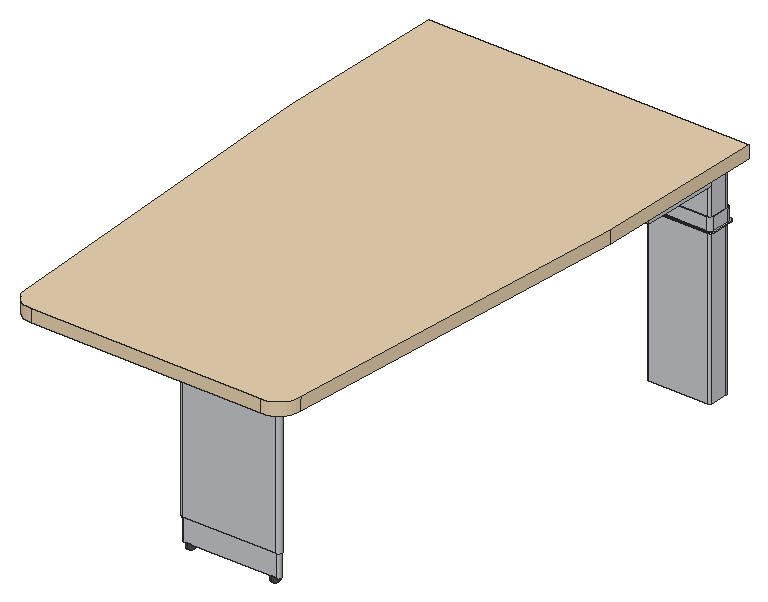
Revit family "Table-Height_Adjustable-Teknion-BH_MT_Peninusla_Bevel_Post_Leg_Mid_Height-R2018", category Furniture, Revit 2018
Family settings
  OmniClass Number = 23.40.20.00
  OmniClass Title = General Furniture and Specialties
  Work Plane-Based = No
  Always vertical = Yes
  Cut with Voids When Loaded = No
  Shared = Yes
  Room Calculation Point = No
Parameters (values of type "1-9/16" Worksurface Thickness, Mid-Height Configuration, No Grommet")
  Worksurface Thickness = 1.555"
  Worksurface Finish [instance] = Foundation Laminate - Teknion - HX - Costal Elm
  Width [instance] = 69.000"
  Warranty = "http://www.teknion.com/ca/papers/legal-canada"
  Unit Weight URL = "http://www.teknion.com/ca/tools/assets#&asset=bee6a381-b954-425e-8283-5a2de3a804f2,f828d448-4b62-4231-9e5f-9a8991c0ed77"
  URL = "www.teknion.com"
  To render please download texture images found here [instance] = "https://assets.teknion.com/web/5e81352c1dfdb467/revit-material-swatches/"
  Sustainability Data = "https://www.teknion.com/ca/tools/assets#&topic=216f99a5-57a0-44fc-b10a-9dee9b29ae4c&asset=444deb64-fe58-4b68-981e-f75e97781df7,b4ff2d81-9f2e-437d-9659-7cffb09c31cf"
  Square Grommet Cut-out Hole Depth = if([Has End of Worksurface - Rectangular & Square], 6.000", 0.500")  # 0.500"
  Shared Outlets for Regular Powebar and IEC Powerbar [instance] = or(Integrated Powerbar with IEC Outlet, Integrated Powerbar)  # yes
  Series = "Expansion Casegoods"  # constant formula
  Product Page URL = "https://www.teknion.com/ca/products/product-details?productLineId=0053336e-8e7a-673b-a6c8-ff00004460c4"
  Product Line = "Expansion Casegoods"  # constant formula
  Product Documentation Link = "https://www.teknion.com/pricing/expansion-casegoods/pdfs/BH_MT_ppg.pdf"
  Powerbar Note [instance] = "Please select one of the following below."  # constant formula
  Part Number = "BH_MT"  # constant formula
  No Powerbar [instance] = not(or(Integrated Powerbar with IEC Outlet, Integrated Powerbar))  # no
  Model = "BHXMTK____N_E_"
  Manufacturer Phone = "416-661-3370"  # constant formula
  Manufacturer Fax = "416.661.4586"  # constant formula
  Manufacturer Contact Information = "http://www.teknion.com/ca/contactus"
  Manufacturer Address = "1150 Flint Road, Toronto, ON. M3J 2J5. Canada"  # constant formula
  Manufacturer = "Teknion"  # constant formula
  Integrated Powerbar with IEC Outlet [instance] = no
  Integrated Powerbar [instance] = yes
  How To Use Teknion Materials User Guide [instance] = "https://assets.teknion.com/m/205dd0a49fa58060/original/How-to-add-a-Material-Library-and-Texture-Images-to-your-Revit-project.pdf"
  Height [instance] = 28.000"
  Has No Grommet = not([Has End of Worksurface - Rectangular & Square])  # yes
  Has End of Worksurface - Rectangular & Square = no
  Grommet Finish [instance] = Paint - Teknion - Mica - Anthracite
  For Additional Finishes please visit [instance] = "https://assets.teknion.com/m/44a8009b046e5d47/original/Teknion_Materials_Library.zip"
  Description = "Height-Adjustable Meeting Peninsula – Bevel Post Leg – Mid-Height, 1-9/16\" Worksurface Thickness, Mid-Height Configuration, No Grommet, Extended Range- 26\" to 48\""
  Depth [instance] = 40.000"
  Connection Node Visibility [instance] = yes
  Base Finish [instance] = Paint - Teknion - Foundation - Very White
  Available Widths [instance] = "69, 75, 81, or 87 inches."  # constant formula
  Available Heights [instance] = "26 to 48 inches in 1 inch increments."  # constant formula
  Available Depths [instance] = "40 or 46 inches."  # constant formula
  Assembly Code = "E2020200"
  Actual Height [instance] = Height - 0.193"  # 27.807"
  Actual Depth [instance] = if(Depth = 40.000", 39.790", 45.760")  # 39.790"
Reference planes (in)
  plane 1 "Center Front/Back": y = -2.68685
  plane 2: z = 0
  plane 3 "Center Left/Right": x = -1.98841
  plane 4 "Left": x = -21.88341
  plane 5 "Right": x = 17.90659
  plane 6 "Back": y = 31.81315
  plane 7 "Front": y = -37.18685
  plane 8 "Top": z = 27.807
  plane 9: z = 29.362
  plane 10: z = 32.362
Forms (in)
  Sweep 1, solid, material "Foundation Laminate - Teknion - HX - Costal Elm" <- "Worksurface Finish"
    path origin (0, -2.68685, 0) x (1, 0, 0) y (0, 0, 1)
      loop
        line (-1.98841, 29.362) -> (-1.98841, 27.807)
    profile origin (-1.98841, -2.68685, 28.5845) x (0, -1, 0) y (1, 0, 0)
      loop
        line (34.5, -14.29485) -> (34.5, 14.29485)
        arc (34.5, 14.29485) -> (33.71884, 16.26499) -> (31.79986, 17.16453) r 2.875
        line (31.79986, 17.16453) -> (-13.01123, 19.895) -> (-34.5, 19.895) -> (-34.5, -19.895) -> (-13.01123, -19.895) -> (31.79986, -17.16453)
        arc (31.79986, -17.16453) -> (33.71884, -16.26499) -> (34.5, -14.29485) r 2.875
  Sweep 2, solid, material "Paint - Teknion - Foundation - Very White" <- "Base Finish"
    path origin (-1.98841, 0, 0) x (0, 1, 0) y (0, 0, 1)
      loop
        line (-22.8324, 0.60236) -> (-22.8324, 3.44873)
    profile origin (-1.98841, -22.8324, 2.02555) x (0, -1, 0) y (1, 0, 0)
      loop
        arc (0.67491, -5.95568) -> (1.00671, -6.08305) -> (1.22059, -5.79921) r 0.29528
        line (1.22059, -5.79921) -> (1.22059, 5.79921)
        arc (1.22059, 5.79921) -> (1.00671, 6.08305) -> (0.67491, 5.95568) r 0.29528
        line (0.67491, 5.95568) -> (-1.22059, 2.92225) -> (-1.22059, -2.92225) -> (0.67491, -5.95568)
  Sweep 3, solid, material "Paint - Teknion - Foundation - Very White" <- "Base Finish"
    path origin (-1.98841, 0, 0) x (0, 1, 0) y (0, 0, 1)
      loop
        line (-22.8324, 3.44873) -> (-22.8324, 27.61802)
    profile origin (-1.98841, -22.8324, 15.53338) x (0, -1, 0) y (1, 0, 0)
      loop
        line (-1.35445, -2.96063) -> (0.56139, -6.02662)
        arc (0.56139, -6.02662) -> (1.0436, -6.21172) -> (1.35445, -5.79921) r 0.42913
        line (1.35445, -5.79921) -> (1.35445, 5.79921)
        arc (1.35445, 5.79921) -> (1.0436, 6.21172) -> (0.56139, 6.02662) r 0.42913
        line (0.56139, 6.02662) -> (-1.35445, 2.96063) -> (-1.35445, -2.96063)
  Sweep 4, solid, material "Plastic - Teknion - E - Ebony"
    path origin (-1.98841, 0, 0) x (0, 1, 0) y (0, 0, 1)
      loop
        line (-23.61462, 0) -> (-23.61462, 0.60236)
    profile origin (-1.98841, -23.61462, 0.30118) x (0, -1, 0) y (1, 0, 0)
      loop
        circle (-0.0137, -5.24899) r 0.5
      loop
        circle (-0.0137, 5.24899) r 0.5
  Sweep 5, solid, material "Paint - Teknion - Foundation - Very White" <- "Base Finish"
    path origin (-1.98841, 0, 0) x (0, 1, 0) y (0, 0, 1)
      loop
        line (29.14386, 1.61811) -> (29.14386, 27.807)
    profile origin (-1.98841, 29.14386, 14.71256) x (0, -1, 0) y (1, 0, 0)
      loop
        arc (-1.35827, -18.11451) -> (-1.28504, -18.29128) -> (-1.10827, -18.36451) r 0.25
        line (-1.10827, -18.36451) -> (1.10827, -18.36451)
        arc (1.10827, -18.36451) -> (1.28504, -18.29128) -> (1.35827, -18.11451) r 0.25
        line (1.35827, -18.11451) -> (1.35827, -10.74049)
        arc (1.35827, -10.74049) -> (1.28504, -10.56372) -> (1.10827, -10.49049) r 0.25
        line (1.10827, -10.49049) -> (-1.10827, -10.49049)
        arc (-1.10827, -10.49049) -> (-1.28504, -10.56372) -> (-1.35827, -10.74049) r 0.25
        line (-1.35827, -10.74049) -> (-1.35827, -18.11451)
  Sweep 6, solid, material "Paint - Teknion - Foundation - Very White" <- "Base Finish"
    path origin (-1.98841, 0, 0) x (0, 1, 0) y (0, 0, 1)
      loop
        line (29.14386, 21) -> (29.14386, 21.07874)
    profile origin (-1.98841, 29.14386, 21.03937) x (0, -1, 0) y (1, 0, 0)
      loop
        arc (-1.83071, -18.28183) -> (-1.66812, -18.67436) -> (-1.27559, -18.83695) r 0.55512
        line (-1.27559, -18.83695) -> (1.27559, -18.83695)
        arc (1.27559, -18.83695) -> (1.66812, -18.67436) -> (1.83071, -18.28183) r 0.55512
        line (1.83071, -18.28183) -> (1.83071, -10.57317)
        arc (1.83071, -10.57317) -> (1.66812, -10.18064) -> (1.27559, -10.01805) r 0.55512
        line (1.27559, -10.01805) -> (-1.27559, -10.01805)
        arc (-1.27559, -10.01805) -> (-1.66812, -10.18064) -> (-1.83071, -10.57317) r 0.55512
        line (-1.83071, -10.57317) -> (-1.83071, -18.28183)
  Sweep 7, solid, material "Paint - Teknion - Foundation - Very White" <- "Base Finish"
    path origin (-1.98841, 0, 0) x (0, 1, 0) y (0, 0, 1)
      loop
        line (29.14386, 22.5748) -> (29.14386, 21.07874)
    profile origin (-1.98841, 29.14386, 21.82677) x (1, 0, 0) y (0, 1, 0)
      loop
        line (-10.74049, 1.55512) -> (-18.11451, 1.55512)
        arc (-18.11451, 1.55512) -> (-18.43048, 1.42424) -> (-18.56136, 1.10827) r 0.44685
        line (-18.56136, 1.10827) -> (-18.56136, -1.10827)
        arc (-18.56136, -1.10827) -> (-18.43048, -1.42424) -> (-18.11451, -1.55512) r 0.44685
        line (-18.11451, -1.55512) -> (-10.74049, -1.55512)
        arc (-10.74049, -1.55512) -> (-10.42452, -1.42424) -> (-10.29364, -1.10827) r 0.44685
        line (-10.29364, -1.10827) -> (-10.29364, 1.10827)
        arc (-10.29364, 1.10827) -> (-10.42452, 1.42424) -> (-10.74049, 1.55512) r 0.44685
  Sweep 8, solid, material "Paint - Teknion - Foundation - Very White" <- "Base Finish"
    path origin (26.86659, 0, 0) x (0, 1, 0) y (0, 0, 1)
      loop
        line (29.14386, 1.61811) -> (29.14386, 27.807)
    profile origin (26.86659, 29.14386, 14.71256) x (0, -1, 0) y (1, 0, 0)
      loop
        arc (-1.35827, -18.11451) -> (-1.28504, -18.29128) -> (-1.10827, -18.36451) r 0.25
        line (-1.10827, -18.36451) -> (1.10827, -18.36451)
        arc (1.10827, -18.36451) -> (1.28504, -18.29128) -> (1.35827, -18.11451) r 0.25
        line (1.35827, -18.11451) -> (1.35827, -10.74049)
        arc (1.35827, -10.74049) -> (1.28504, -10.56372) -> (1.10827, -10.49049) r 0.25
        line (1.10827, -10.49049) -> (-1.10827, -10.49049)
        arc (-1.10827, -10.49049) -> (-1.28504, -10.56372) -> (-1.35827, -10.74049) r 0.25
        line (-1.35827, -10.74049) -> (-1.35827, -18.11451)
  Sweep 9, solid, material "Paint - Teknion - Foundation - Very White" <- "Base Finish"
    path origin (26.86659, 0, 0) x (0, 1, 0) y (0, 0, 1)
      loop
        line (29.14386, 21) -> (29.14386, 21.07874)
    profile origin (26.86659, 29.14386, 21.03937) x (0, -1, 0) y (1, 0, 0)
      loop
        arc (-1.83071, -18.28183) -> (-1.66812, -18.67436) -> (-1.27559, -18.83695) r 0.55512
        line (-1.27559, -18.83695) -> (1.27559, -18.83695)
        arc (1.27559, -18.83695) -> (1.66812, -18.67436) -> (1.83071, -18.28183) r 0.55512
        line (1.83071, -18.28183) -> (1.83071, -10.57317)
        arc (1.83071, -10.57317) -> (1.66812, -10.18064) -> (1.27559, -10.01805) r 0.55512
        line (1.27559, -10.01805) -> (-1.27559, -10.01805)
        arc (-1.27559, -10.01805) -> (-1.66812, -10.18064) -> (-1.83071, -10.57317) r 0.55512
        line (-1.83071, -10.57317) -> (-1.83071, -18.28183)
  Sweep 10, solid, material "Paint - Teknion - Foundation - Very White" <- "Base Finish"
    path origin (26.86659, 0, 0) x (0, 1, 0) y (0, 0, 1)
      loop
        line (29.14386, 22.5748) -> (29.14386, 21.07874)
    profile origin (26.86659, 29.14386, 21.82677) x (1, 0, 0) y (0, 1, 0)
      loop
        line (-10.74049, 1.55512) -> (-18.11451, 1.55512)
        arc (-18.11451, 1.55512) -> (-18.43048, 1.42424) -> (-18.56136, 1.10827) r 0.44685
        line (-18.56136, 1.10827) -> (-18.56136, -1.10827)
        arc (-18.56136, -1.10827) -> (-18.43048, -1.42424) -> (-18.11451, -1.55512) r 0.44685
        line (-18.11451, -1.55512) -> (-10.74049, -1.55512)
        arc (-10.74049, -1.55512) -> (-10.42452, -1.42424) -> (-10.29364, -1.10827) r 0.44685
        line (-10.29364, -1.10827) -> (-10.29364, 1.10827)
        arc (-10.29364, 1.10827) -> (-10.42452, 1.42424) -> (-10.74049, 1.55512) r 0.44685
  Sweep 11, solid, material "Paint - Teknion - Foundation - Very White" <- "Base Finish"
    path origin (-1.98841, 0, 0) x (0, 1, 0) y (0, 0, 1)
      loop
        line (-2.68685, 25.99598) -> (-2.68685, 27.807)
    profile origin (-1.98841, -2.68685, 26.90149) x (0, -1, 0) y (1, 0, 0)
      loop
        line (-22.06693, -12.14404) -> (-30.47244, -12.14404) -> (-30.47244, -18.11451)
        arc (-30.47244, -18.11451) -> (-30.54566, -18.29128) -> (-30.72244, -18.36451) r 0.25
        line (-30.72244, -18.36451) -> (-20.96457, -18.36451) -> (-20.96457, -6.29921) -> (15.22047, -6.29921) -> (15.22047, -5.19685) -> (-20.96457, -5.19685) -> (-20.96457, 5.19685) -> (15.22047, 5.19685) -> (15.22047, 6.29921) -> (-20.96457, 6.29921) -> (-20.96457, 18.36451) -> (-30.72244, 18.36451)
        arc (-30.72244, 18.36451) -> (-30.54566, 18.29128) -> (-30.47244, 18.11451) r 0.25
        line (-30.47244, 18.11451) -> (-30.47244, 12.14404) -> (-22.06693, 12.14404) -> (-22.06693, -12.14404)
  Sweep 12, solid, material "Paint - Teknion - Foundation - Very White" <- "Base Finish"
    path origin (-1.98841, 0, 0) x (0, 1, 0) y (0, 0, 1)
      loop
        line (-22.8324, 27.61802) -> (-22.8324, 27.807)
    profile origin (-1.98841, -22.8324, 27.71251) x (0, -1, 0) y (1, 0, 0)
      loop
        line (-4.92508, -6.29921) -> (3.81508, -6.29921) -> (3.81508, 6.29921) -> (-4.92508, 6.29921) -> (-4.92508, -6.29921)
  Sweep 13, solid, material "Paint - Teknion - Foundation - Very White" <- "Base Finish"
    path origin (-1.98841, 0, 0) x (0, 1, 0) y (0, 0, 1)
      loop
        line (-19.05225, 27.807) -> (-19.05225, 25.99598)
    profile origin (-1.98841, -19.05225, 26.90149) x (1, 0, 0) y (0, 1, 0)
      loop
        line (-1.89961, 2.14886) -> (-1.89961, -2.4257) -> (1.89961, -2.4257) -> (1.89961, 2.14886) -> (-1.89961, 2.14886)
  Sweep 14, solid, material "Paint - Teknion - Foundation - Very White" <- "Base Finish"
    path origin (-1.98841, 0, 0) x (0, 1, 0) y (0, 0, 1)
      loop
        line (-9.40732, 26.17708) -> (-9.40732, 27.807)
    profile origin (-1.98841, -9.40732, 26.99204) x (0, -1, 0) y (1, 0, 0)
      loop
        line (-5.5, -5.19685) -> (5.5, -5.19685) -> (5.5, 1.85827) -> (-5.5, 1.85827) -> (-5.5, -5.19685)
  Sweep 15, solid, material "Plastic - Teknion - E - Ebony"
    path origin (-1.98841, 0, 0) x (0, 1, 0) y (0, 0, 1)
      loop
        line (9.31315, 27.807) -> (9.31315, 26.22826)
    profile origin (-1.98841, 9.31315, 27.01763) x (1, 0, 0) y (0, 1, 0)
      loop
        line (-4.05512, 6.75197) -> (-4.05512, -8.24803) -> (4.05512, -8.24803) -> (4.05512, 6.75197) -> (-4.05512, 6.75197)
  Sweep 16, solid, material "Plastic - Teknion - E - Ebony", visible <- "Shared Outlets for Regular Powebar and IEC Powerbar"
    path origin (0, 0, 0) x (1, 0, 0) y (0, 1, 0)
      loop
        line (-0.13014, -7.16491) -> (0.05096, -7.16491)
    profile origin (-0.03959, -7.16491, 0) x (0, 1, 0) y (0, 0, 1)
      loop
        arc (0.51743, 27.47826) -> (0.5059, 27.5061) -> (0.47806, 27.51763) r 0.03937
        line (0.47806, 27.51763) -> (-0.49438, 27.51763)
        arc (-0.49438, 27.51763) -> (-0.52222, 27.5061) -> (-0.53375, 27.47826) r 0.03937
        line (-0.53375, 27.47826) -> (-0.53375, 26.50582)
        arc (-0.53375, 26.50582) -> (-0.52222, 26.47798) -> (-0.49438, 26.46645) r 0.03937
        line (-0.49438, 26.46645) -> (0.47806, 26.46645)
        arc (0.47806, 26.46645) -> (0.5059, 26.47798) -> (0.51743, 26.50582) r 0.03937
        line (0.51743, 26.50582) -> (0.51743, 27.47826)
      loop
        line (0.04105, 27.26172) -> (0.04105, 27.19086) -> (0.39145, 27.19086) -> (0.39145, 27.26172) -> (0.04105, 27.26172)
      loop
        line (0.08042, 26.78535) -> (0.08042, 26.71448) -> (0.35208, 26.71448) -> (0.35208, 26.78535) -> (0.08042, 26.78535)
      loop
        line (-0.36052, 27.09637) -> (-0.36052, 26.88771) -> (-0.25619, 26.88771)
        arc (-0.25619, 26.88771) -> (-0.15186, 26.99204) -> (-0.25619, 27.09637) r 0.10433
        line (-0.25619, 27.09637) -> (-0.36052, 27.09637)
  Sweep 17, solid, material "Plastic - Teknion - E - Ebony", visible <- "Shared Outlets for Regular Powebar and IEC Powerbar"
    path origin (0, -1.5748, 0) x (1, 0, 0) y (0, 1, 0)
      loop
        line (0.05096, -7.16491) -> (-0.13014, -7.16491)
    profile origin (-0.03959, -8.73972, 0) x (0, -1, 0) y (0, 0, 1)
      loop
        line (-0.51743, 27.47826) -> (-0.51743, 26.50582)
        arc (-0.51743, 26.50582) -> (-0.5059, 26.47798) -> (-0.47806, 26.46645) r 0.03937
        line (-0.47806, 26.46645) -> (0.49438, 26.46645)
        arc (0.49438, 26.46645) -> (0.52222, 26.47798) -> (0.53375, 26.50582) r 0.03937
        line (0.53375, 26.50582) -> (0.53375, 27.47826)
        arc (0.53375, 27.47826) -> (0.52222, 27.5061) -> (0.49438, 27.51763) r 0.03937
        line (0.49438, 27.51763) -> (-0.47806, 27.51763)
        arc (-0.47806, 27.51763) -> (-0.5059, 27.5061) -> (-0.51743, 27.47826) r 0.03937
      loop
        line (-0.04105, 27.26172) -> (-0.39145, 27.26172) -> (-0.39145, 27.19086) -> (-0.04105, 27.19086) -> (-0.04105, 27.26172)
      loop
        line (-0.08042, 26.78535) -> (-0.35208, 26.78535) -> (-0.35208, 26.71448) -> (-0.08042, 26.71448) -> (-0.08042, 26.78535)
      loop
        line (0.36052, 27.09637) -> (0.25619, 27.09637)
        arc (0.25619, 27.09637) -> (0.15186, 26.99204) -> (0.25619, 26.88771) r 0.10433
        line (0.25619, 26.88771) -> (0.36052, 26.88771) -> (0.36052, 27.09637)
  Sweep 18, solid, material "Plastic - Teknion - E - Ebony", visible <- "Shared Outlets for Regular Powebar and IEC Powerbar"
    path origin (0, -3.14961, 0) x (1, 0, 0) y (0, 1, 0)
      loop
        line (0.05096, -7.16491) -> (-0.13014, -7.16491)
    profile origin (-0.03959, -10.31452, 0) x (0, -1, 0) y (0, 0, 1)
      loop
        line (-0.51743, 27.47826) -> (-0.51743, 26.50582)
        arc (-0.51743, 26.50582) -> (-0.5059, 26.47798) -> (-0.47806, 26.46645) r 0.03937
        line (-0.47806, 26.46645) -> (0.49438, 26.46645)
        arc (0.49438, 26.46645) -> (0.52222, 26.47798) -> (0.53375, 26.50582) r 0.03937
        line (0.53375, 26.50582) -> (0.53375, 27.47826)
        arc (0.53375, 27.47826) -> (0.52222, 27.5061) -> (0.49438, 27.51763) r 0.03937
        line (0.49438, 27.51763) -> (-0.47806, 27.51763)
        arc (-0.47806, 27.51763) -> (-0.5059, 27.5061) -> (-0.51743, 27.47826) r 0.03937
      loop
        line (-0.04105, 27.26172) -> (-0.39145, 27.26172) -> (-0.39145, 27.19086) -> (-0.04105, 27.19086) -> (-0.04105, 27.26172)
      loop
        line (-0.08042, 26.78535) -> (-0.35208, 26.78535) -> (-0.35208, 26.71448) -> (-0.08042, 26.71448) -> (-0.08042, 26.78535)
      loop
        line (0.36052, 27.09637) -> (0.25619, 27.09637)
        arc (0.25619, 27.09637) -> (0.15186, 26.99204) -> (0.25619, 26.88771) r 0.10433
        line (0.25619, 26.88771) -> (0.36052, 26.88771) -> (0.36052, 27.09637)
  Sweep 19, solid, material "Plastic - Teknion - E - Ebony", visible <- "Integrated Powerbar"
    path origin (0, -4.72441, 0) x (1, 0, 0) y (0, 1, 0)
      loop
        line (0.05096, -7.16491) -> (-0.13014, -7.16491)
    profile origin (-0.03959, -11.88932, 0) x (0, -1, 0) y (0, 0, 1)
      loop
        line (-0.51743, 27.47826) -> (-0.51743, 26.50582)
        arc (-0.51743, 26.50582) -> (-0.5059, 26.47798) -> (-0.47806, 26.46645) r 0.03937
        line (-0.47806, 26.46645) -> (0.49438, 26.46645)
        arc (0.49438, 26.46645) -> (0.52222, 26.47798) -> (0.53375, 26.50582) r 0.03937
        line (0.53375, 26.50582) -> (0.53375, 27.47826)
        arc (0.53375, 27.47826) -> (0.52222, 27.5061) -> (0.49438, 27.51763) r 0.03937
        line (0.49438, 27.51763) -> (-0.47806, 27.51763)
        arc (-0.47806, 27.51763) -> (-0.5059, 27.5061) -> (-0.51743, 27.47826) r 0.03937
      loop
        line (-0.04105, 27.26172) -> (-0.39145, 27.26172) -> (-0.39145, 27.19086) -> (-0.04105, 27.19086) -> (-0.04105, 27.26172)
      loop
        line (-0.08042, 26.78535) -> (-0.35208, 26.78535) -> (-0.35208, 26.71448) -> (-0.08042, 26.71448) -> (-0.08042, 26.78535)
      loop
        line (0.36052, 27.09637) -> (0.25619, 27.09637)
        arc (0.25619, 27.09637) -> (0.15186, 26.99204) -> (0.25619, 26.88771) r 0.10433
        line (0.25619, 26.88771) -> (0.36052, 26.88771) -> (0.36052, 27.09637)
  Sweep 20, solid, material "Plastic - Teknion - E - Ebony", visible <- "Shared Outlets for Regular Powebar and IEC Powerbar"
    path origin (0, 0, 0) x (1, 0, 0) y (0, 1, 0)
      loop
        line (-0.13014, -5.12389) -> (-0.09077, -5.12389)
    profile origin (-0.11046, -5.12389, 0) x (0, 1, 0) y (0, 0, 1)
      loop
        line (0.29137, 27.36704) -> (-0.45863, 27.36704) -> (-0.45863, 26.61704) -> (0.29137, 26.61704) -> (0.29137, 27.36704)
  Sweep 21, solid, material "Plastic - Teknion - E - Ebony", visible <- "Shared Outlets for Regular Powebar and IEC Powerbar"
    path origin (-1.98841, 0, 0) x (0, 1, 0) y (0, 0, 1)
      loop
        line (-5.18312, 27.17196) -> (-5.18312, 26.81212)
    profile origin (-1.98841, -5.18312, 26.99204) x (1, 0, 0) y (0, 1, 0)
      loop
        arc (1.91732, -0.21928) -> (1.93653, -0.06827) -> (1.9981, 0.07096) r 0.52705
        line (1.9981, 0.07096) -> (1.87909, 0.18886) -> (1.87909, -0.21928) -> (1.91732, -0.21928)
  Sweep 22, solid, material "Plastic - Teknion - E - Ebony", visible <- "Integrated Powerbar with IEC Outlet"
    path origin (0, 0, 0) x (1, 0, 0) y (0, 1, 0)
      loop
        line (-0.08684, -11.99122) -> (-0.13014, -11.99122)
    profile origin (-0.10849, -11.99122, 0) x (0, -1, 0) y (0, 0, 1)
      loop
        arc (-0.57996, 27.51763) -> (-0.6078, 27.5061) -> (-0.61933, 27.47826) r 0.03937
        line (-0.61933, 27.47826) -> (-0.61933, 26.50582)
        arc (-0.61933, 26.50582) -> (-0.6078, 26.47798) -> (-0.57996, 26.46645) r 0.03937
        line (-0.57996, 26.46645) -> (0.72713, 26.46645)
        arc (0.72713, 26.46645) -> (0.75497, 26.47798) -> (0.7665, 26.50582) r 0.03937
        line (0.7665, 26.50582) -> (0.7665, 27.47826)
        arc (0.7665, 27.47826) -> (0.75497, 27.5061) -> (0.72713, 27.51763) r 0.03937
        line (0.72713, 27.51763) -> (-0.57996, 27.51763)
      loop
        line (0.63855, 27.14024) -> (0.36351, 27.41527) -> (-0.21634, 27.41527) -> (-0.49138, 27.14024) -> (-0.49138, 26.56881) -> (0.63855, 26.56881) -> (0.63855, 27.14024)
      loop
        line (0.52634, 26.68102) -> (0.52634, 27.09496) -> (0.31824, 27.30306) -> (-0.17107, 27.30306) -> (-0.37917, 27.09496) -> (-0.37917, 26.68102) -> (0.52634, 26.68102)
      loop
        line (0.10902, 27.24401) -> (0.03815, 27.24401) -> (0.03815, 27.12196) -> (0.10902, 27.12196) -> (0.10902, 27.24401)
      loop
        line (-0.10949, 26.97629) -> (-0.18823, 26.97629) -> (-0.18823, 26.807) -> (-0.10949, 26.807) -> (-0.10949, 26.97629)
      loop
        line (0.3354, 26.97629) -> (0.25666, 26.97629) -> (0.25666, 26.807) -> (0.3354, 26.807) -> (0.3354, 26.97629)
  Sweep 23, void
    path origin (-1.98841, 0, 0) x (0, 1, 0) y (0, 0, 1)
      loop
        line (10.30386, 32.362) -> (10.30386, 31.862)
    profile origin (-1.98841, 10.30386, 32.112) x (1, 0, 0) y (0, 1, 0)
      loop
        arc (-4.59449, 15.03684) -> (-4.8868, 14.91577) -> (-5.00787, 14.62346) r 0.41339
        line (-5.00787, 14.62346) -> (-5.00787, 13.43448)
        arc (-5.00787, 13.43448) -> (-4.8868, 13.14217) -> (-4.59449, 13.0211) r 0.41339
        line (-4.59449, 13.0211) -> (-3.40551, 13.0211)
        arc (-3.40551, 13.0211) -> (-3.1132, 13.14217) -> (-2.99213, 13.43448) r 0.41339
        line (-2.99213, 13.43448) -> (-2.99213, 14.62346)
        arc (-2.99213, 14.62346) -> (-3.1132, 14.91577) -> (-3.40551, 15.03684) r 0.41339
        line (-3.40551, 15.03684) -> (-4.59449, 15.03684)
  Sweep 24, solid, material "Paint - Teknion - Mica - Anthracite" <- "Grommet Finish", visible <- "Has End of Worksurface - Rectangular & Square"
    path origin (-1.98841, 0, 0) x (0, 1, 0) y (0, 0, 1)
      loop
        line (24.33283, 29.51957) -> (24.33283, 29.362)
    profile origin (-1.98841, 24.33283, 29.44078) x (1, 0, 0) y (0, 1, 0)
      loop
        line (0.67284, 1.42203) -> (0.67284, -1.42203) -> (3.52107, -1.42203) -> (3.52107, 1.42203) -> (0.67284, 1.42203)
  Sweep 25, solid, material "Paint - Teknion - Mica - Anthracite" <- "Grommet Finish", visible <- "Has End of Worksurface - Rectangular & Square"
    path origin (-1.98841, 0, 0) x (0, 1, 0) y (0, 0, 1)
      loop
        line (24.33283, 29.362) -> (24.33283, 29.51957)
    profile origin (-1.98841, 24.33283, 29.44078) x (0, -1, 0) y (1, 0, 0)
      loop
        line (-1.42203, 3.52107) -> (-0.21267, 3.52107) -> (-0.21267, 5.79967) -> (0.21267, 5.79967) -> (0.21267, 3.52107) -> (1.42203, 3.52107) -> (1.42203, 7.32716) -> (-1.42203, 7.32716) -> (-1.42203, 3.52107)
Cuts and joins
  Sweep 23 cuts Sweep 1
Lines and regions (in)
  Masking region 1
    outline origin (0, 0, 0) x (1, 0, 0) y (0, 1, 0)
      loop
        line (-16.28326, -37.18685) -> (12.30644, -37.18685)
        arc (12.30644, -37.18685) -> (14.27658, -36.40569) -> (15.17612, -34.48671) r 2.875
        line (15.17612, -34.48671) -> (17.90659, 10.32438) -> (17.90659, 31.81315) -> (-21.88341, 31.81315) -> (-21.88341, 10.32438) -> (-19.15294, -34.48671)
        arc (-19.15294, -34.48671) -> (-18.2534, -36.40569) -> (-16.28326, -37.18685) r 2.875
  symbolic lines, style "FurnitureHiddenLines", detail levels medium+fine
    curve 1: line (10.15563, 19.38008, 0) -> (-14.13245, 19.38008, 0)
    curve 2: line (-20.35292, 18.27772, 0) -> (-8.28762, 18.27772, 0)
    curve 3: line (-14.13245, 19.38008, 0) -> (-14.13245, 27.78559, 0)
    curve 4: line (-20.35292, 28.03559, 0) -> (-20.35292, 18.27772, 0)
    curve 5: line (16.3761, 18.27772, 0) -> (16.3761, 28.03559, 0)
    curve 6: line (10.15563, 27.78559, 0) -> (10.15563, 19.38008, 0)
    curve 7: line (8.75208, 27.78559, 0) -> (16.1261, 27.78559, 0)
    curve 8: line (16.1261, 30.50212, 0) -> (8.75208, 30.50212, 0)
    curve 9: line (8.50208, 30.25212, 0) -> (8.50208, 28.03559, 0)
    curve 10: line (16.3761, 28.03559, 0) -> (16.3761, 30.25212, 0)
    curve 11: arc (8.50208, 30.25212, 0) -> (8.57531, 30.4289, 0) -> (8.75208, 30.50212, 0) r 0.25
    curve 12: arc (16.1261, 30.50212, 0) -> (16.30287, 30.4289, 0) -> (16.3761, 30.25212, 0) r 0.25
    curve 13: arc (16.1261, 27.78559, 0) -> (16.30287, 27.85881, 0) -> (16.3761, 28.03559, 0) r 0.25
    curve 14: arc (8.75208, 27.78559, 0) -> (8.57531, 27.85881, 0) -> (8.50208, 28.03559, 0) r 0.25
    curve 47: line (-20.10292, 27.78559, 0) -> (-12.7289, 27.78559, 0)
    curve 48: line (-12.7289, 30.50212, 0) -> (-20.10292, 30.50212, 0)
    curve 49: line (-12.4789, 28.03559, 0) -> (-12.4789, 30.25212, 0)
    curve 50: line (-20.35292, 30.25212, 0) -> (-20.35292, 28.03559, 0)
    curve 51: arc (-20.35292, 28.03559, 0) -> (-20.27969, 27.85881, 0) -> (-20.10292, 27.78559, 0) r 0.25
    curve 52: arc (-12.4789, 28.03559, 0) -> (-12.55213, 27.85881, 0) -> (-12.7289, 27.78559, 0) r 0.25
    curve 53: arc (-12.7289, 30.50212, 0) -> (-12.55213, 30.4289, 0) -> (-12.4789, 30.25212, 0) r 0.25
    curve 54: arc (-20.35292, 30.25212, 0) -> (-20.27969, 30.4289, 0) -> (-20.10292, 30.50212, 0) r 0.25
    curve 55: line (4.3108, 18.27772, 0) -> (16.3761, 18.27772, 0)
    curve 56: line (-7.18526, 18.27772, 0) -> (3.20844, 18.27772, 0)
    curve 57: line (-7.18526, -17.90732, 0) -> (-7.18526, 18.27772, 0)
    curve 58: line (-8.28762, 18.27772, 0) -> (-8.28762, -17.90732, 0)
    curve 59: line (3.20844, 18.27772, 0) -> (3.20844, -17.90732, 0)
    curve 60: line (4.3108, -17.90732, 0) -> (4.3108, 18.27772, 0)
    curve 61: line (4.3108, -17.90732, 0) -> (-8.28762, -17.90732, 0)
    curve 62: line (-8.28762, -17.90732, 0) -> (-8.28762, -26.64748, 0)
    curve 63: line (-8.28762, -26.64748, 0) -> (4.3108, -26.64748, 0)
    curve 64: line (4.3108, -26.64748, 0) -> (4.3108, -17.90732, 0)
    curve 65: line (-4.94904, -21.47795, 0) -> (-8.01503, -23.39379, 0)
    curve 66: line (0.97222, -21.47795, 0) -> (-4.94904, -21.47795, 0)
    curve 67: line (4.03821, -23.39379, 0) -> (0.97222, -21.47795, 0)
    curve 68: line (-7.78762, -24.18685, 0) -> (3.8108, -24.18685, 0)
    curve 69: arc (4.03821, -23.39379, 0) -> (4.22331, -23.876, 0) -> (3.8108, -24.18685, 0) r 0.42913
    curve 70: arc (-7.78762, -24.18685, 0) -> (-8.20013, -23.876, 0) -> (-8.01503, -23.39379, 0) r 0.42913
    curve 81: line (-0.0888, -21.47795, 0) -> (-0.0888, -16.90339, 0)
    curve 82: line (-0.0888, -16.90339, 0) -> (-3.88802, -16.90339, 0)
    curve 83: line (-3.88802, -16.90339, 0) -> (-3.88802, -21.47795, 0)
    curve 84: line (-0.13014, -3.90732, 0) -> (-7.18526, -3.90732, 0)
    curve 85: line (-0.13014, -14.90732, 0) -> (-0.13014, -3.90732, 0)
    curve 86: line (-7.18526, -14.90732, 0) -> (-0.13014, -14.90732, 0)
    curve 87: line (-6.04353, 16.06512, 0) -> (2.06671, 16.06512, 0)
    curve 88: line (-6.04353, 1.06512, 0) -> (-6.04353, 16.06512, 0)
    curve 89: line (2.06671, 1.06512, 0) -> (-6.04353, 1.06512, 0)
    curve 90: line (2.06671, 16.06512, 0) -> (2.06671, 1.06512, 0)
  symbolic lines, style "FurnitureHiddenLines", detail levels fine
    curve 15: line (8.30523, 30.25212, 0) -> (8.30523, 28.03559, 0)
    curve 16: line (16.1261, 30.69897, 0) -> (8.75208, 30.69897, 0)
    curve 17: line (16.57295, 28.03559, 0) -> (16.57295, 30.25212, 0)
    curve 18: line (8.75208, 27.58874, 0) -> (16.1261, 27.58874, 0)
    curve 19: arc (8.30523, 28.03559, 0) -> (8.43611, 27.71962, 0) -> (8.75208, 27.58874, 0) r 0.44685
    curve 20: arc (8.75208, 30.69897, 0) -> (8.43611, 30.5681, 0) -> (8.30523, 30.25212, 0) r 0.44685
    curve 21: arc (16.57295, 30.25212, 0) -> (16.44207, 30.5681, 0) -> (16.1261, 30.69897, 0) r 0.44685
    curve 22: arc (16.1261, 27.58874, 0) -> (16.44207, 27.71962, 0) -> (16.57295, 28.03559, 0) r 0.44685
    curve 23: line (16.29342, 30.97457, 0) -> (8.58476, 30.97457, 0)
    curve 24: line (16.84854, 27.86827, 0) -> (16.84854, 30.41945, 0)
    curve 25: line (8.58476, 27.31315, 0) -> (16.29342, 27.31315, 0)
    curve 26: line (8.02964, 30.41945, 0) -> (8.02964, 27.86827, 0)
    curve 27: arc (8.02964, 30.41945, 0) -> (8.19223, 30.81198, 0) -> (8.58476, 30.97457, 0) r 0.55512
    curve 28: arc (8.58476, 27.31315, 0) -> (8.19223, 27.47574, 0) -> (8.02964, 27.86827, 0) r 0.55512
    curve 29: arc (16.84854, 27.86827, 0) -> (16.68595, 27.47574, 0) -> (16.29342, 27.31315, 0) r 0.55512
    curve 30: arc (16.29342, 30.97457, 0) -> (16.68595, 30.81198, 0) -> (16.84854, 30.41945, 0) r 0.55512
    curve 31: line (-12.56158, 30.97457, 0) -> (-20.27024, 30.97457, 0)
    curve 32: line (-12.00646, 27.86827, 0) -> (-12.00646, 30.41945, 0)
    curve 33: line (-20.27024, 27.31315, 0) -> (-12.56158, 27.31315, 0)
    curve 34: line (-20.82536, 30.41945, 0) -> (-20.82536, 27.86827, 0)
    curve 35: arc (-20.82536, 30.41945, 0) -> (-20.66277, 30.81198, 0) -> (-20.27024, 30.97457, 0) r 0.55512
    curve 36: arc (-20.27024, 27.31315, 0) -> (-20.66277, 27.47574, 0) -> (-20.82536, 27.86827, 0) r 0.55512
    curve 37: arc (-12.00646, 27.86827, 0) -> (-12.16905, 27.47574, 0) -> (-12.56158, 27.31315, 0) r 0.55512
    curve 38: arc (-12.56158, 30.97457, 0) -> (-12.16905, 30.81198, 0) -> (-12.00646, 30.41945, 0) r 0.55512
    curve 39: line (-12.7289, 30.69897, 0) -> (-20.10292, 30.69897, 0)
    curve 40: line (-12.28205, 28.03559, 0) -> (-12.28205, 30.25212, 0)
    curve 41: line (-20.10292, 27.58874, 0) -> (-12.7289, 27.58874, 0)
    curve 42: line (-20.54977, 30.25212, 0) -> (-20.54977, 28.03559, 0)
    curve 43: arc (-20.10292, 30.69897, 0) -> (-20.41889, 30.5681, 0) -> (-20.54977, 30.25212, 0) r 0.44685
    curve 44: arc (-20.54977, 28.03559, 0) -> (-20.41889, 27.71962, 0) -> (-20.10292, 27.58874, 0) r 0.44685
    curve 45: arc (-12.7289, 27.58874, 0) -> (-12.41293, 27.71962, 0) -> (-12.28205, 28.03559, 0) r 0.44685
    curve 46: arc (-12.28205, 30.25212, 0) -> (-12.41293, 30.5681, 0) -> (-12.7289, 30.69897, 0) r 0.44685
    curve 71: line (-4.91066, -21.61181, 0) -> (-7.9441, -23.50731, 0)
    curve 72: line (0.93384, -21.61181, 0) -> (-4.91066, -21.61181, 0)
    curve 73: line (-7.78762, -24.05299, 0) -> (3.8108, -24.05299, 0)
    curve 74: line (3.96727, -23.50731, 0) -> (0.93384, -21.61181, 0)
    curve 75: arc (3.96727, -23.50731, 0) -> (4.09464, -23.83911, 0) -> (3.8108, -24.05299, 0) r 0.29528
    curve 76: arc (-7.78762, -24.05299, 0) -> (-8.07146, -23.83911, 0) -> (-7.9441, -23.50731, 0) r 0.29528
    curve 77: arc (-7.2374, -24.10091, 0) -> (-7.7374, -23.60091, 0) -> (-7.2374, -23.10091, 0) r 0.5
    curve 78: arc (-7.2374, -23.10091, 0) -> (-6.7374, -23.60091, 0) -> (-7.2374, -24.10091, 0) r 0.5
    curve 79: arc (3.26058, -23.10091, 0) -> (3.76058, -23.60091, 0) -> (3.26058, -24.10091, 0) r 0.5
    curve 80: arc (3.26058, -24.10091, 0) -> (2.76058, -23.60091, 0) -> (3.26058, -23.10091, 0) r 0.5
  symbolic lines
    curve 91: line (-5.39392, 25.34071, 0) -> (-6.5829, 25.34071, 0)
    curve 92: line (-4.98054, 23.73835, 0) -> (-4.98054, 24.92732, 0)
    curve 93: line (-6.5829, 23.32496, 0) -> (-5.39392, 23.32496, 0)
    curve 94: line (-6.99628, 24.92732, 0) -> (-6.99628, 23.73835, 0)
    curve 95: arc (-6.5829, 25.34071, 0) -> (-6.87521, 25.21963, 0) -> (-6.99628, 24.92732, 0) r 0.41339
    curve 96: arc (-4.98054, 24.92732, 0) -> (-5.10161, 25.21963, 0) -> (-5.39392, 25.34071, 0) r 0.41339
    curve 97: arc (-5.39392, 23.32496, 0) -> (-5.10161, 23.44604, 0) -> (-4.98054, 23.73835, 0) r 0.41339
    curve 98: arc (-6.99628, 23.73835, 0) -> (-6.87521, 23.44604, 0) -> (-6.5829, 23.32496, 0) r 0.41339
  symbolic lines, visible <- "Has End of Worksurface - Rectangular & Square"
    curve 99: line (1.53266, 25.75487, 0) -> (-1.31557, 25.75487, 0)
    curve 100: line (5.33875, 25.75487, 0) -> (1.53266, 25.75487, 0)
    curve 101: line (5.33875, 22.9108, 0) -> (5.33875, 25.75487, 0)
    curve 102: line (1.53266, 22.9108, 0) -> (5.33875, 22.9108, 0)
    curve 103: line (-1.31557, 22.9108, 0) -> (1.53266, 22.9108, 0)
    curve 104: line (-1.31557, 25.75487, 0) -> (-1.31557, 22.9108, 0)
    curve 105: line (1.53266, 22.9108, 0) -> (1.53266, 25.75487, 0)
    curve 106: line (1.53266, 24.54551, 0) -> (3.81126, 24.54551, 0)
    curve 107: line (3.81126, 24.54551, 0) -> (3.81126, 24.12016, 0)
    curve 108: line (3.81126, 24.12016, 0) -> (1.53266, 24.12016, 0)
  symbolic lines, style "FurnitureHiddenLines", visible <- "Shared Outlets for Regular Powebar and IEC Powerbar", detail levels fine
    curve 109: line (-0.09077, -4.83252, 0) -> (-0.13014, -4.83252, 0)
    curve 110: line (-0.09077, -5.58252, 0) -> (-0.09077, -4.83252, 0)
    curve 111: line (-0.13014, -5.58252, 0) -> (-0.09077, -5.58252, 0)
    curve 112: line (0.00969, -5.11216, 0) -> (-0.09077, -5.01264, 0)
    curve 113: arc (-0.07109, -5.4024, 0) -> (-0.05188, -5.25139, 0) -> (0.00969, -5.11216, 0) r 0.52705
    curve 114: line (-0.09077, -5.4024, 0) -> (-0.07109, -5.4024, 0)
    curve 115: line (-0.13014, -6.64748, 0) -> (0.05096, -6.64748, 0)
    curve 116: line (-0.13014, -7.69866, 0) -> (-0.13014, -6.64748, 0)
    curve 117: line (0.05096, -7.69866, 0) -> (-0.13014, -7.69866, 0)
    curve 118: line (0.05096, -6.64748, 0) -> (0.05096, -7.69866, 0)
    curve 119: line (-0.13014, -8.22228, 0) -> (0.05096, -8.22228, 0)
    curve 120: line (-0.13014, -9.27347, 0) -> (-0.13014, -8.22228, 0)
    curve 121: line (0.05096, -9.27347, 0) -> (-0.13014, -9.27347, 0)
    curve 122: line (0.05096, -8.22228, 0) -> (0.05096, -9.27347, 0)
    curve 123: line (-0.13014, -9.79709, 0) -> (0.05096, -9.79709, 0)
    curve 124: line (-0.13014, -10.84827, 0) -> (-0.13014, -9.79709, 0)
    curve 125: line (0.05096, -10.84827, 0) -> (-0.13014, -10.84827, 0)
    curve 126: line (0.05096, -9.79709, 0) -> (0.05096, -10.84827, 0)
  symbolic lines, style "FurnitureHiddenLines", visible <- "Integrated Powerbar", detail levels fine
    curve 127: line (0.05096, -11.37189, 0) -> (-0.13014, -11.37189, 0)
    curve 128: line (0.05096, -12.42307, 0) -> (0.05096, -11.37189, 0)
    curve 129: line (-0.13014, -12.42307, 0) -> (0.05096, -12.42307, 0)
    curve 130: line (-0.13014, -11.37189, 0) -> (-0.13014, -12.42307, 0)
  symbolic lines, style "FurnitureHiddenLines", visible <- "Integrated Powerbar with IEC Outlet", detail levels fine
    curve 131: line (-0.08684, -12.75772, 0) -> (-0.13014, -12.75772, 0)
    curve 132: line (-0.08684, -11.37189, 0) -> (-0.08684, -12.75772, 0)
    curve 133: line (-0.13014, -11.37189, 0) -> (-0.08684, -11.37189, 0)
    curve 134: line (-0.13014, -12.75772, 0) -> (-0.13014, -11.37189, 0)
  reference lines
    curve 135: line (-21.88341, 31.81315, 0) -> (17.90659, 31.81315, 0)
    curve 136: line (-21.88341, -37.18685, 0) -> (17.90659, -37.18685, 0)
Dimensions and locks (in)
  "Actual Depth": plane 4 "Left" to plane 5 "Right"
  "Width": plane 6 "Back" to plane 7 "Front"
  "Actual Height": plane 8 "Top" to level
  equal spacing: plane 4 "Left", plane 3 "Center Left/Right", plane 5 "Right"
  equal spacing: plane 7 "Front", plane 1 "Center Front/Back", plane 6 "Back"
  "Worksurface Thickness": plane 9 to plane 8 "Top"
  locked: plane 4 "Left" to Sweep 1 sketch curve at 5.60015
  locked: plane 7 "Front" to Sweep 1 sketch curve at 2.875  (x2)
  locked: Sweep 1 sketch curve to plane 5 "Right" at 5.60015
  locked: plane 8 "Top" to Sweep 2 sketch curve at 24.35827
  plane 7 "Front" to Sweep 2 sketch curve to Sweep 2 sketch curve to Sweep 2 sketch curve to Sweep 2 sketch curve = 13.13386" locked, 0.29528" locked, 0.000" locked, 2.14591" locked
  Sweep 2 sketch curve to Sweep 2 sketch curve to plane 3 "Center Left/Right" to Sweep 2 sketch curve to Sweep 2 sketch curve = 2.87697" locked, 2.92225" locked, 2.92225" locked, 2.87697" locked
  locked: plane 7 "Front" to Sweep 1 sketch curve at 2.70014  (x2)
  plane 4 "Left" to Sweep 1 sketch curve to Sweep 1 sketch curve = 2.73047" locked, 2.86968" locked
  Sweep 1 sketch curve to Sweep 1 sketch curve to plane 5 "Right" = 2.86968" locked, 2.73047" locked
  locked: plane 6 "Back" to Sweep 1 sketch curve at 21.48877  (x2)
  locked: Sweep 2 sketch curve to plane 2 at 0.60236
  plane 8 "Top" to Sweep 3 sketch curve to Sweep 3 sketch curve = 0.18898" locked, 24.16929" locked
  Sweep 3 sketch curve to Sweep 3 sketch curve to plane 3 "Center Left/Right" to Sweep 3 sketch curve to Sweep 3 sketch curve = 2.83858" locked, 2.96063" locked, 2.96063" locked, 2.83858" locked
  plane 7 "Front" to Sweep 3 sketch curve to Sweep 3 sketch curve to Sweep 3 sketch curve to Sweep 3 sketch curve = 13.000" locked, 0.42913" locked, 0.000" locked, 2.27977" locked
  locked: Sweep 4 sketch curve to plane 2 at 0.60236
  Sweep 4 sketch curve to plane 3 "Center Left/Right" to Sweep 4 sketch curve = 5.24899" locked, 5.24899" locked
  plane 7 "Front" to Sweep 4 sketch curve to Sweep 4 sketch curve = 13.58594" locked, 0.000" locked
  locked: Sweep 5 sketch curve to level at 1.61811
  plane 4 "Left" to Sweep 5 sketch curve to Sweep 5 sketch curve to Sweep 5 sketch curve = 1.53049" locked, 0.250" locked, 0.000" locked
  plane 4 "Left" to Sweep 5 sketch curve to Sweep 5 sketch curve to Sweep 5 sketch curve = 9.15451" locked, 0.000" locked, 0.250" locked
  plane 6 "Back" to Sweep 5 sketch curve to Sweep 5 sketch curve to Sweep 5 sketch curve to Sweep 5 sketch curve to Sweep 5 sketch curve = 1.31102" locked, 0.250" locked, 0.000" locked, 2.21654" locked, 0.000" locked
  Sweep 6 sketch curve to Sweep 6 sketch curve to plane 2 = 0.07874" locked, 21.000" locked
  plane 4 "Left" to Sweep 6 sketch curve to Sweep 6 sketch curve to Sweep 6 sketch curve to Sweep 6 sketch curve to Sweep 6 sketch curve to Sweep 6 sketch curve = 1.05805" locked, 0.55512" locked, 0.000" locked, 7.70866" locked, 0.000" locked, 0.55512" locked
  plane 6 "Back" to Sweep 6 sketch curve to Sweep 6 sketch curve to Sweep 6 sketch curve to Sweep 6 sketch curve to Sweep 6 sketch curve to Sweep 6 sketch curve = 0.83858" locked, 0.55512" locked, 0.000" locked, 2.55118" locked, 0.000" locked, 0.55512" locked
  Sweep 7 sketch curve to Sweep 7 sketch curve to plane 2 = 1.49606" locked, 21.07874" locked
  plane 6 "Back" to Sweep 7 sketch curve to Sweep 7 sketch curve to Sweep 7 sketch curve to Sweep 7 sketch curve to Sweep 7 sketch curve to Sweep 7 sketch curve = 1.11417" locked, 0.44685" locked, 0.000" locked, 2.21654" locked, 0.000" locked, 0.44685" locked
  plane 4 "Left" to Sweep 7 sketch curve to Sweep 7 sketch curve to Sweep 7 sketch curve to Sweep 7 sketch curve to Sweep 7 sketch curve to Sweep 7 sketch curve = 1.33364" locked, 0.44685" locked, 0.000" locked, 7.37402" locked, 0.000" locked, 0.44685" locked
  Sweep 8 sketch curve to Sweep 8 sketch curve to Sweep 8 sketch curve to plane 5 "Right" = 0.250" locked, 0.000" locked, 9.15451" locked
  Sweep 8 sketch curve to Sweep 8 sketch curve to Sweep 8 sketch curve to plane 5 "Right" = 0.000" locked, 0.250" locked, 1.53049" locked
  plane 6 "Back" to Sweep 8 sketch curve to Sweep 8 sketch curve to Sweep 8 sketch curve to Sweep 8 sketch curve to Sweep 8 sketch curve = 1.31102" locked, 0.250" locked, 0.000" locked, 2.21654" locked, 0.000" locked
  Sweep 9 sketch curve to Sweep 9 sketch curve to level = 0.07874" locked, 21.000" locked
  Sweep 9 sketch curve to Sweep 9 sketch curve to Sweep 9 sketch curve to Sweep 9 sketch curve to Sweep 9 sketch curve to Sweep 9 sketch curve to plane 5 "Right" = 0.55512" locked, 0.000" locked, 7.70866" locked, 0.000" locked, 0.55512" locked, 1.05805" locked
  plane 6 "Back" to Sweep 9 sketch curve to Sweep 9 sketch curve to Sweep 9 sketch curve to Sweep 9 sketch curve to Sweep 9 sketch curve to Sweep 9 sketch curve = 0.83858" locked, 0.55512" locked, 0.000" locked, 2.55118" locked, 0.000" locked, 0.55512" locked
  Sweep 10 sketch curve to Sweep 10 sketch curve to level = 1.49606" locked, 21.07874" locked
  plane 6 "Back" to Sweep 10 sketch curve to Sweep 10 sketch curve to Sweep 10 sketch curve to Sweep 10 sketch curve to Sweep 10 sketch curve to Sweep 10 sketch curve = 1.11417" locked, 0.44685" locked, 0.000" locked, 2.21654" locked, 0.000" locked, 0.44685" locked
  Sweep 10 sketch curve to Sweep 10 sketch curve to Sweep 10 sketch curve to Sweep 10 sketch curve to Sweep 10 sketch curve to Sweep 10 sketch curve to plane 5 "Right" = 0.44685" locked, 0.000" locked, 7.37402" locked, 0.000" locked, 0.44685" locked, 1.33364" locked
  locked: plane 8 "Top" to Sweep 11 sketch curve at 1.81102
  plane 4 "Left" to Sweep 11 sketch curve to Sweep 11 sketch curve = 1.53049" locked, 6.22047" locked
  Sweep 11 sketch curve to Sweep 11 sketch curve to plane 5 "Right" = 6.22047" locked, 1.53049" locked
  plane 6 "Back" to Sweep 11 sketch curve to Sweep 11 sketch curve to Sweep 11 sketch curve to Sweep 11 sketch curve = 12.43307" locked, 1.10236" locked, 0.000" locked, 0.000" locked
  plane 7 "Front" to Sweep 11 sketch curve to Sweep 11 sketch curve = 19.27953" locked, 0.000" locked
  locked: plane 8 "Top" to Sweep 12 sketch curve at 0.18898
  plane 7 "Front" to Sweep 12 sketch curve to Sweep 12 sketch curve = 10.53937" locked, 8.74016" locked
  Sweep 12 sketch curve to plane 3 "Center Left/Right" to Sweep 12 sketch curve = 6.29921" locked, 6.29921" locked
  locked: plane 8 "Top" to Sweep 13 sketch curve at 1.81102
  plane 7 "Front" to Sweep 13 sketch curve to Sweep 13 sketch curve = 15.7089" locked, 4.57456" locked
  Sweep 13 sketch curve to plane 3 "Center Left/Right" to Sweep 13 sketch curve = 1.89961" locked, 1.89961" locked
  locked: plane 8 "Top" to Sweep 14 sketch curve at 1.62992
  plane 7 "Front" to Sweep 14 sketch curve to Sweep 14 sketch curve = 22.27953" locked, 11.000" locked
  Sweep 14 sketch curve to plane 3 "Center Left/Right" to Sweep 14 sketch curve = 5.19685" locked, 1.85827" locked
  locked: plane 8 "Top" to Sweep 15 sketch curve at 1.57874
  Sweep 15 sketch curve to plane 3 "Center Left/Right" to Sweep 15 sketch curve = 4.05512" locked, 4.05512" locked
  plane 6 "Back" to Sweep 15 sketch curve to Sweep 15 sketch curve = 15.74803" locked, 15.000" locked
  Sweep 16 sketch curve to Sweep 14 to Sweep 16 sketch curve = 0.000" locked, 0.1811" locked
  plane 8 "Top" to Sweep 16 sketch curve to Sweep 16 sketch curve to Sweep 16 sketch curve to Sweep 16 sketch curve to Sweep 16 sketch curve to Sweep 16 sketch curve to Sweep 16 sketch curve to Sweep 16 sketch curve to Sweep 16 sketch curve to Sweep 16 sketch curve to Sweep 16 sketch curve to Sweep 16 sketch curve = 0.28937" locked, 0.03937" locked, 0.000" locked, 0.21654" locked, 0.07087" locked, 0.09449" locked, 0.20866" locked, 0.10236" locked, 0.07087" locked, 0.20866" locked, 0.000" locked, 0.03937" locked
  Sweep 16 sketch curve to Sweep 16 sketch curve to Sweep 16 sketch curve to Sweep 16 sketch curve to Sweep 16 sketch curve to Sweep 16 sketch curve to Sweep 16 sketch curve to Sweep 16 sketch curve to Sweep 16 sketch curve to Sweep 16 sketch curve to Sweep 16 sketch curve to Sweep 14 = 0.000" locked, 0.13386" locked, 0.10433" locked, 0.29724" locked, 0.03937" locked, 0.27165" locked, 0.03937" locked, 0.08661" locked, 0.000" locked, 0.03937" locked, 2.74016" locked
  locked: Sweep 17 sketch curve to Sweep 17 sketch curve at 0.1811
  locked: Sweep 18 sketch curve to Sweep 18 sketch curve at 0.1811
  locked: Sweep 19 sketch curve to Sweep 19 sketch curve at 0.1811
  plane 8 "Top" to Sweep 17 sketch curve to Sweep 17 sketch curve to Sweep 17 sketch curve to Sweep 17 sketch curve to Sweep 17 sketch curve to Sweep 17 sketch curve to Sweep 17 sketch curve to Sweep 17 sketch curve to Sweep 17 sketch curve to Sweep 17 sketch curve to Sweep 17 sketch curve to Sweep 17 sketch curve = 0.28937" locked, 0.03937" locked, 0.000" locked, 0.21654" locked, 0.07087" locked, 0.09449" locked, 0.20866" locked, 0.10236" locked, 0.07087" locked, 0.20866" locked, 0.000" locked, 0.03937" locked
  Sweep 17 sketch curve to Sweep 17 sketch curve to Sweep 17 sketch curve to Sweep 17 sketch curve to Sweep 17 sketch curve to Sweep 17 sketch curve to Sweep 17 sketch curve to Sweep 17 sketch curve to Sweep 17 sketch curve to Sweep 17 sketch curve to Sweep 17 sketch curve to Sweep 14 = 0.000" locked, 0.13386" locked, 0.10433" locked, 0.29724" locked, 0.03937" locked, 0.27165" locked, 0.03937" locked, 0.08661" locked, 0.000" locked, 0.03937" locked, 4.31496" locked
  plane 8 "Top" to Sweep 18 sketch curve to Sweep 18 sketch curve to Sweep 18 sketch curve to Sweep 18 sketch curve to Sweep 18 sketch curve to Sweep 18 sketch curve to Sweep 18 sketch curve to Sweep 18 sketch curve to Sweep 18 sketch curve to Sweep 18 sketch curve to Sweep 18 sketch curve to Sweep 18 sketch curve = 0.28937" locked, 0.03937" locked, 0.000" locked, 0.21654" locked, 0.07087" locked, 0.09449" locked, 0.20866" locked, 0.10236" locked, 0.07087" locked, 0.20866" locked, 0.000" locked, 0.03937" locked
  Sweep 18 sketch curve to Sweep 18 sketch curve to Sweep 18 sketch curve to Sweep 18 sketch curve to Sweep 18 sketch curve to Sweep 18 sketch curve to Sweep 18 sketch curve to Sweep 18 sketch curve to Sweep 18 sketch curve to Sweep 18 sketch curve to Sweep 18 sketch curve to Sweep 14 = 0.000" locked, 0.13386" locked, 0.10433" locked, 0.29724" locked, 0.03937" locked, 0.27165" locked, 0.03937" locked, 0.08661" locked, 0.000" locked, 0.03937" locked, 5.88976" locked
  plane 8 "Top" to Sweep 19 sketch curve to Sweep 19 sketch curve to Sweep 19 sketch curve to Sweep 19 sketch curve to Sweep 19 sketch curve to Sweep 19 sketch curve to Sweep 19 sketch curve to Sweep 19 sketch curve to Sweep 19 sketch curve to Sweep 19 sketch curve to Sweep 19 sketch curve to Sweep 19 sketch curve = 0.28937" locked, 0.03937" locked, 0.000" locked, 0.21654" locked, 0.07087" locked, 0.09449" locked, 0.20866" locked, 0.10236" locked, 0.07087" locked, 0.20866" locked, 0.000" locked, 0.03937" locked
  Sweep 14 to Sweep 19 sketch curve to Sweep 19 sketch curve to Sweep 19 sketch curve to Sweep 19 sketch curve to Sweep 19 sketch curve to Sweep 19 sketch curve to Sweep 19 sketch curve to Sweep 19 sketch curve to Sweep 19 sketch curve to Sweep 19 sketch curve to Sweep 19 sketch curve = 2.52362" locked, 0.000" locked, 0.13386" locked, 0.10433" locked, 0.29724" locked, 0.03937" locked, 0.27165" locked, 0.03937" locked, 0.08661" locked, 0.000" locked, 0.03937" locked
  locked: Sweep 14 to Sweep 20 sketch curve at 0.03937
  Sweep 14 to Sweep 20 sketch curve to Sweep 20 sketch curve = 0.9252" locked, 0.750" locked
  plane 8 "Top" to Sweep 20 sketch curve to Sweep 20 sketch curve = 0.43996" locked, 0.750" locked
  Sweep 20 to Sweep 21 sketch curve to Sweep 21 sketch curve = 0.19508" locked, 0.35984" locked
  Sweep 14 to Sweep 21 sketch curve to Sweep 21 sketch curve to Sweep 21 sketch curve to Sweep 21 sketch curve = 1.08694" locked, 0.1179" locked, 0.28053" locked, 0.00971" locked
  Sweep 14 to Sweep 21 sketch curve to Sweep 21 sketch curve to Sweep 21 sketch curve = 0.02082" locked, 0.03824" locked, 0.08077" locked
  locked: Sweep 8 sketch curve to plane 2 at 1.61811
  locked: Sweep 14 to Sweep 22 sketch curve at 0.04331
  Sweep 14 to Sweep 22 sketch curve to Sweep 22 sketch curve to Sweep 22 sketch curve to Sweep 22 sketch curve to Sweep 22 sketch curve to Sweep 22 sketch curve to Sweep 22 sketch curve to Sweep 22 sketch curve to Sweep 22 sketch curve to Sweep 22 sketch curve to Sweep 22 sketch curve to Sweep 22 sketch curve to Sweep 22 sketch curve to Sweep 22 sketch curve to Sweep 22 sketch curve to Sweep 22 sketch curve to Sweep 22 sketch curve to Sweep 22 sketch curve to Sweep 22 sketch curve to Sweep 22 sketch curve = 2.14961" locked, 0.03937" locked, 0.000" locked, 0.08858" locked, 0.1122" locked, 0.16283" locked, 0.02812" locked, 0.01716" locked, 0.06158" locked, 0.14764" locked, 0.07087" locked, 0.14764" locked, 0.06158" locked, 0.01716" locked, 0.02812" locked, 0.16283" locked, 0.1122" locked, 0.08858" locked, 0.000" locked, 0.03937" locked
  plane 8 "Top" to Sweep 22 sketch curve to Sweep 22 sketch curve to Sweep 22 sketch curve to Sweep 22 sketch curve to Sweep 22 sketch curve to Sweep 22 sketch curve to Sweep 22 sketch curve to Sweep 22 sketch curve to Sweep 22 sketch curve to Sweep 22 sketch curve to Sweep 22 sketch curve to Sweep 22 sketch curve = 0.28937" locked, 0.10236" locked, 0.1122" locked, 0.05906" locked, 0.12205" locked, 0.14567" locked, 0.000" locked, 0.16929" locked, 0.000" locked, 0.12598" locked, 0.1122" locked, 0.10236" locked
  locked: plane 10 to plane 9 at 3
  "Square Grommet Cut-out Hole Depth": plane 10 to Sweep 23 sketch curve
  plane 6 "Back" to Sweep 23 sketch curve to Sweep 23 sketch curve to Sweep 23 sketch curve to Sweep 23 sketch curve to Sweep 23 sketch curve to Sweep 23 sketch curve = 6.47244" locked, 0.41339" locked, 0.000" locked, 1.18898" locked, 0.000" locked, 0.41339" locked
  Sweep 23 sketch curve to Sweep 23 sketch curve to Sweep 23 sketch curve to Sweep 23 sketch curve to Sweep 23 sketch curve to Sweep 23 sketch curve to plane 3 "Center Left/Right" = 0.41339" locked, 0.000" locked, 1.18898" locked, 0.000" locked, 0.41339" locked, 2.99213" locked
  locked: Sweep 24 sketch curve to plane 9 at 0.15757
  plane 3 "Center Left/Right" to Sweep 24 sketch curve to Sweep 24 sketch curve = 0.67284" locked, 2.84823" locked
  Sweep 24 sketch curve to Sweep 24 sketch curve to plane 6 "Back" = 2.84406" locked, 6.05828" locked
  locked: Sweep 25 sketch curve to plane 9 at 0.15757
  plane 3 "Center Left/Right" to Sweep 25 sketch curve to Sweep 25 sketch curve to Sweep 25 sketch curve to Sweep 25 sketch curve = 3.52107" locked, 0.000" locked, 2.2786" locked, 1.52748" locked
  plane 6 "Back" to Sweep 25 sketch curve to Sweep 25 sketch curve to Sweep 25 sketch curve to Sweep 25 sketch curve = 6.05828" locked, 1.20936" locked, 0.42535" locked, 1.20936" locked
  Sweep 11 sketch curve to Sweep 11 sketch curve to plane 3 "Center Left/Right" to Sweep 11 sketch curve to Sweep 11 sketch curve = 1.10236" locked, 5.19685" locked, 5.19685" locked, 1.10236" locked
  locked: plane 4 "Left" to Masking region 1 sketch curve at 5.60015
  locked: plane 7 "Front" to Masking region 1 sketch curve at 2.875  (x2)
  locked: Masking region 1 sketch curve to plane 5 "Right" at 5.60015
  locked: plane 7 "Front" to Masking region 1 sketch curve at 2.70014  (x2)
  plane 4 "Left" to Masking region 1 sketch curve to Masking region 1 sketch curve = 2.73047" locked, 2.86968" locked
  Masking region 1 sketch curve to Masking region 1 sketch curve to plane 5 "Right" = 2.86968" locked, 2.73047" locked
  locked: plane 6 "Back" to Masking region 1 sketch curve at 21.48877  (x2)
  aligned and locked: level to plane 2
  aligned and locked: plane 8 "Top" to Sweep 1 sketch curve
  aligned and locked: plane 9 to Sweep 1 sketch curve
  aligned and locked: Sweep 1 sketch curve to plane 3 "Center Left/Right"
  aligned and locked: Sweep 1 sketch curve to plane 4 "Left"
  aligned and locked: Sweep 1 sketch curve to plane 5 "Right"
  aligned and locked: Sweep 1 sketch curve to plane 6 "Back"  (x2)
  aligned and locked: plane 2 to Sweep 4 sketch curve
  aligned and locked: plane 8 "Top" to Sweep 5 sketch curve
  aligned and locked: plane 8 "Top" to Sweep 11 sketch curve
  aligned and locked: Sweep 8 to Sweep 11 sketch curve
  aligned and locked: Sweep 11 sketch curve to Sweep 8
  aligned and locked: Sweep 11 sketch curve to Sweep 5
  aligned and locked: plane 8 "Top" to Sweep 12 sketch curve
  aligned and locked: plane 8 "Top" to Sweep 13 sketch curve
  aligned and locked: plane 8 "Top" to Sweep 14 sketch curve
  aligned and locked: plane 8 "Top" to Sweep 15 sketch curve
  aligned and locked: Sweep 14 to Sweep 17 sketch curve
  aligned and locked: Sweep 14 to Sweep 18 sketch curve
  aligned and locked: Sweep 14 to Sweep 19 sketch curve
  aligned and locked: Sweep 14 to Sweep 20 sketch curve
  aligned and locked: plane 8 "Top" to Sweep 8 sketch curve
  aligned and locked: Sweep 14 to Sweep 22 sketch curve
  aligned and locked: plane 10 to Sweep 23 sketch curve
  aligned and locked: plane 9 to Sweep 24 sketch curve
  aligned and locked: plane 9 to Sweep 25 sketch curve
  aligned and locked: curve 1 to Sweep 11
  aligned and locked: curve 2 to Sweep 11
  aligned and locked: curve 3 to Sweep 11
  aligned and locked: curve 5 to Sweep 11
  aligned and locked: curve 6 to Sweep 11
  aligned and locked: curve 11 to Sweep 8
  aligned and locked: curve 12 to Sweep 8
  aligned and locked: curve 13 to Sweep 11
  aligned and locked: curve 14 to Sweep 8
  aligned and locked: curve 19 to Sweep 10
  aligned and locked: curve 20 to Sweep 10
  aligned and locked: curve 21 to Sweep 10
  aligned and locked: curve 22 to Sweep 10
  aligned and locked: curve 27 to Sweep 9
  aligned and locked: curve 28 to Sweep 9
  aligned and locked: curve 29 to Sweep 9
  aligned and locked: curve 30 to Sweep 9
  aligned and locked: curve 35 to Sweep 6
  aligned and locked: curve 36 to Sweep 6
  aligned and locked: curve 37 to Sweep 6
  aligned and locked: curve 38 to Sweep 6
  aligned and locked: curve 43 to Sweep 7
  aligned and locked: curve 44 to Sweep 7
  aligned and locked: curve 45 to Sweep 7
  aligned and locked: curve 46 to Sweep 7
  aligned and locked: curve 51 to Sweep 11
  aligned and locked: curve 52 to Sweep 5
  aligned and locked: curve 53 to Sweep 5
  aligned and locked: curve 54 to Sweep 5
  aligned and locked: curve 55 to Sweep 11
  aligned and locked: curve 56 to Sweep 11
  aligned and locked: curve 57 to Sweep 11
  aligned and locked: curve 58 to Sweep 11
  aligned and locked: curve 59 to Sweep 11
  aligned and locked: curve 60 to Sweep 11
  aligned and locked: curve 61 to Sweep 12
  aligned and locked: curve 62 to Sweep 12
  aligned and locked: curve 63 to Sweep 12
  aligned and locked: curve 64 to Sweep 12
  aligned and locked: curve 65 to Sweep 3
  aligned and locked: curve 66 to Sweep 3
  aligned and locked: curve 69 to Sweep 3
  aligned and locked: curve 70 to Sweep 3
  aligned and locked: curve 71 to Sweep 2
  aligned and locked: curve 72 to Sweep 2
  aligned and locked: curve 75 to Sweep 2
  aligned and locked: curve 76 to Sweep 2
  aligned and locked: curve 77 to Sweep 4
  aligned and locked: curve 78 to Sweep 4
  aligned and locked: curve 79 to Sweep 4
  aligned and locked: curve 80 to Sweep 4
  aligned and locked: curve 81 to Sweep 13
  aligned and locked: curve 82 to Sweep 13
